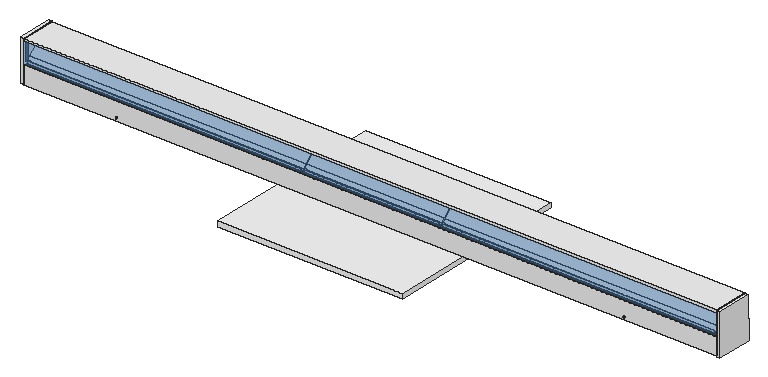
Revit family "BE_50807.1_de_DE", category Leuchten, Revit 2020
Family settings
  Basisbauteil = Fläche
  Bemaßung runder Anschluss = Durchmesser verwenden
  Teiletyp = Normal
  Beim Laden mit Abzugskörper schneiden = Ja
  Lichtquelle = Ja
  Gemeinsam genutzt = Nein
  Raumberechnungspunkt = Ja
Parameters (values of type "BEGA_50807.1_K3")
  built-in parameter 1150104 = 13.935 (stored number, unit not read)
  Wattage = 122 W
  Default Elevation = 0 mm
  built-in parameter 1150113 = 1 (stored number, unit not read)
  built-in parameter 1114218 = 1 (stored number, unit not read)
  Umgebungstemperatur = "25 °C"
  URL = "https://www.bega.com/de/produkt/50807.1"
  Typenkommentare = "© 2023 BEGA. Wir behalten uns das Recht vor, technische Änderungen ohne vorherige Ankündigung vorzunehmen."  # constant formula
  built-in parameter 1150134 = (empty or 0)
  built-in parameter 1150109 = 1 (stored number, unit not read)
  built-in parameter 1150110 = 1 (stored number, unit not read)
  Spannung = 239.996 V
  Sonderanfertigung = no
  Seriennummer [instance] = "Hier können Sie die eindeutige Seriennummer für das Facility Management eintragen."
  Schutzklasse = "I"
  Schutzart = "IP 20"
  Scheinlast = 0 VA
  Produktdatenblatt = "https://cdn.bega.com/bega/products/50807.1K3/current/documents/data-sheets/de"
  Neigungswinkel = 0.00°
  Modell = "50807.1K3"
  Material_34 = BEGA_Oberfläche_Samtweiss_matt
  Material_20 = BEGA_Platte_Weiss
  Material_17 = BEGA_Reflektor
  Material_15 = BEGA_Leuchtmedium_matt
  Material_13 = BEGA_Kunststoff_matt
  Material_06 = BEGA_Oberfläche_Edelstahl_gebürstet
  M_W = no
  M_G = no
  M_A = no
  Logo = 0
  built-in parameter 1114217 = 1 (stored number, unit not read)
  built-in parameter 1150139 = (empty or 0)
  built-in parameter 1150105 = 1456.3 (stored number, unit not read)
  built-in parameter 1150114 = 1 (stored number, unit not read)
  Lumens = 18300 lm
  built-in parameter 1150115 = 1 (stored number, unit not read)
  Leuchtenlichtstrom = "15595 lm"
  Lebensdauerkriterien = "L70B50 @ 25 °C = 200000 h"
  Lastklassifizierung = Beleuchtung
  built-in parameter 1150112 = 1 (stored number, unit not read)
  Lampenlichtstrom = "18300 lm"
  Lampe = "LED 122 W"
  LED_Modulbezeichnung = "10x LED-1049/930"
  Hersteller = "BEGA"  # constant formula
  Gewicht = "9.3 kg"
  Frequenz = "0/50-60 Hz"
  Farbwiedergabeindex = "CRI > 90"
  Farbtemperaturverschiebung bei Dämpfen der Lampe = <Keine Auswahl>
  Farbtemperatur = "3000 K"
  Color Filter = 16777215
  built-in parameter 1150133 = 10 (stored number, unit not read)
  Energieeffizienzklasse = "LED A++ - A"
  built-in parameter 1150137 = (empty or 0)
  built-in parameter 1150132 = (empty or 0)
  ENEC = "ja"
  Dimmbar [instance] = "DALI"
  Datei für fotometrisches Netz = "BE_50807K3.ies"
  CE_Konformität = "ja"
  Bestellnummer = "50807.1K3"
  Beschreibung_Sonderanfertigung = "Hier können Sie Informationen zur Sonderanfertigung eintragen."
  Beschreibung = "Wandleuchte"
  built-in parameter 1150106 = 14.563 (stored number, unit not read)
  Befestigungsbohrung = "Ø 5,5 mm"
  Befestigungsabstand = "1450 mm"
  BEGA_Intern_aus = yes
  BEGA_Intern_an = yes
  BEGA_Intern_Konstruktion = yes
  BEGA_Intern = yes
  BEGA_IES = yes
  BEGA_Dummy = no
  Anschlussleistung [instance] = "130 W"
  built-in parameter 1150107 = 3000 (stored number, unit not read)
  built-in parameter 1150102 = (empty or 0)
  built-in parameter 1150138 = (empty or 0)
  Aktualisierung = "2023-06-28T04:00:04"
  AC/DC = "AC/DC"
Reference planes
  plane 1 "Mitte (Vorne/Hinten)": y = 0
  plane 2: z = 0
  plane 3 "Mitte (Links/Rechts)": x = 0
  plane 4 "Links": x = -757.866
  plane 5 "Rechts": x = 757.866
  plane 6 "Unten": y = -38
  plane 7 "Oben": y = 38.035
  plane 8 "Vorne": z = 90
  plane 9 "Hinten": z = 0
Forms (mm)
  Extrusion 1, solid, material "BEGA_Platte_Weiss"
    sketch origin (0, -1119.2, 0) x (1, 0, 0) y (0, 1, 0)
      loop
        line (-200, 1319.2) -> (-200, 919.2) -> (200, 919.2) -> (200, 1319.2) -> (-200, 1319.2)
    from 0 to -10
  Extrusion 2, solid, material "BEGA_Dummy_matt", visible <- "BEGA_Dummy"
    sketch origin (80.095, -76.023, 0) x (1, 0, 0) y (0, 1, 0)
      loop
        line (-837.961, 114.058) -> (-837.961, 38.023) -> (677.77, 38.023) -> (677.77, 114.058) -> (-837.961, 114.058)
    from 0 to 90
Dimensions and locks
  plane 1 "Mitte (Vorne/Hinten)" to Extrusion 1 = 200 mm
  aligned and locked: plane 2 to Extrusion 1
  aligned and locked: level to Extrusion 1
Nested families
  nested 1: "BE_50807.1" at (0, 0, 0), type "BE_50807.1"
Connectors
  electrical at (0, 0, 0), driven by "Lastklassifizierung", driven by "Spannung", driven by "Scheinlast"
    settings: index 1, voltage 239.996 V, apparent load 0 VA, apparent load phase1 0 VA, apparent load phase2 0 VA, apparent load phase3 0 VA, power factor 1, load classification "Beleuchtung", number of poles 1, system type 31, power factor state 1, is connector primary yes, connector utility no, sub classification motor no, connector description ""
Definition of nested family "BE_50807.1"
  Parameters (values of type "BE_50807.1")
    Default Elevation = 1 mm
    URL = "http://www.bega.de/de/produkt"
    Type Comments = "© 2015 BEGA. Wir behalten uns das Recht vor, technische Änderungen ohne vorherige Ankündigung vorzunehmen. "  # constant formula
    Type Image = (empty or 0)
    Neigungswinkel_um_Z2 = 0.00°
    Neigungswinkel_um_Z1 = 0.00°
    Neigungswinkel_um_Y2 = 0.00°
    Neigungswinkel_um_Y1 = 0.00°
    Neigungswinkel_um_X2 = 0.00°
    Neigungswinkel_um_X1 = 0.00°
    Material_34 = none
    Material_20 = none
    Material_17 = none
    Material_15 = none
    Material_13 = none
    Material_06 = none
    M_W = yes
    M_G = yes
    M_A = yes
    Länge_Platte = 1600 mm  # constant formula
    Höhe_Platte = -10 mm  # constant formula
    Manufacturer = "BEGA"  # constant formula
    Drehwinkel_um_Z2 = 0.00°
    Drehwinkel_um_Z1 = 0.00°
    Breite_Platte = 200 mm  # constant formula
  Reference planes
    plane 1 "Mitte (Oben/Unten)": y = 0
    plane 2: z = 0
    plane 3 "Mitte (Links/Rechts)": x = 0
    plane 4: z = 90
    plane 5: x = 757.866
    plane 6: x = -757.866
    plane 7: y = 38.035
    plane 8: y = -38
  Forms (mm)
    Extrusion 1, solid, detail levels medium
      sketch origin (0, 0, 0) x (1, 0, 0) y (0, 1, 0)
        loop
          line (-800, 100) -> (-800, -100) -> (800, -100) -> (800, 100) -> (-800, 100)
      from 0 to -10 <- "Höhe_Platte"
    Extrusion 2, solid, material <- "Material_34"
      sketch origin (0, 0, 0) x (0, 1, 0) y (0, 0, 1)
        loop
          line (38.035, 38.982) -> (36.035, 39.165) -> (36.035, 37.231) -> (34.435, 37.196) -> (34.435, 39) -> (31.535, 39.914) -> (31.535, 38.2) -> (30.622, 38.2) -> (29.802, 40.461) -> (6.531, 47.798)
          arc (6.531, 47.798) -> (4.002, 49.61) -> (3.035, 52.567) r 5
          line (3.035, 52.567) -> (3.035, 84) -> (4.14, 84.002) -> (4.744, 85.862) -> (5.635, 85.773) -> (5.635, 84.068) -> (8.535, 83.995) -> (8.535, 78.004) -> (27.272, 85) -> (29.79, 85) -> (34.435, 85) -> (34.435, 86.804) -> (36.035, 86.769) -> (36.035, 85.003) -> (38.035, 85) -> (38.035, 90) -> (-37.965, 90) -> (-37.965, 85) -> (-35.965, 85.003) -> (-35.965, 86.769) -> (-34.365, 86.804) -> (-34.365, 85) -> (-28.782, 85) -> (-27.215, 85) -> (-8.465, 78.176) -> (-8.465, 84) -> (-5.565, 84) -> (-5.565, 85.8) -> (-4.675, 85.862) -> (-4.052, 84.004) -> (-2.965, 83.999) -> (-2.965, 52.567)
          arc (-2.965, 52.567) -> (-3.933, 49.611) -> (-6.46, 47.798) r 5
          line (-6.46, 47.798) -> (-29.862, 40.332) -> (-30.575, 38.138) -> (-31.465, 38.2) -> (-31.465, 39.914) -> (-34.365, 39) -> (-34.365, 37.196) -> (-35.965, 37.231) -> (-35.965, 39.165) -> (-37.965, 38.982) -> (-37.965, 0.499) -> (-34.965, 0.509) -> (-34.965, 2.5) -> (-31.465, 2.5) -> (-31.465, 33.967)
          arc (-31.465, 33.967) -> (-31.271, 34.558) -> (-30.765, 34.921) r 1
          line (-30.765, 34.921) -> (-20.999, 38) -> (-1.615, 38) -> (-1.615, 41.4) -> (-4.565, 41.4) -> (-4.565, 46) -> (4.635, 46) -> (4.635, 41.4) -> (1.685, 41.4) -> (1.685, 38) -> (21.068, 38) -> (30.836, 34.92)
          arc (30.836, 34.92) -> (31.334, 34.568) -> (31.534, 33.991) r 1
          line (31.534, 33.991) -> (31.535, 12.532) -> (34.535, 10.8) -> (34.535, 8.3) -> (31.535, 6.568) -> (31.535, 2.5) -> (35.035, 2.5) -> (35.035, 0.509) -> (38.035, 0.499) -> (38.035, 38.982)
      from -750 to 750
    Extrusion 3, solid, material <- "Material_17"
      sketch origin (0, 0, 0) x (0, 1, 0) y (0, 0, 1)
        loop
          line (31.5, 38.273) -> (31.5, 43.726)
          arc (31.5, 43.726) -> (31.354, 44.371) -> (30.946, 44.89) r 1.5
          line (30.946, 44.89) -> (23.519, 51.026)
          spline (23.519, 51.026) -> (19.592, 54.436) -> (17.066, 56.799) -> (15.517, 58.376) -> (14.096, 59.936) -> (12.557, 61.796) -> (10.758, 64.213) -> (9.3, 66.395) -> (8.323, 68.14) -> (7.328, 70.355) -> (6.564, 72.55) -> (6.044, 74.934) -> (5.6, 80.473)
          line (5.6, 80.473) -> (5.6, 85.8) -> (4.85, 85.235) -> (4.85, 80.473)
          spline (4.85, 80.473) -> (5.395, 74.694) -> (6.373, 71.086) -> (7.648, 68.044) -> (9.215, 65.229) -> (11.032, 62.573) -> (12.726, 60.421) -> (14.678, 58.289) -> (17.091, 55.872) -> (19.534, 53.568) -> (22.377, 51.064) -> (26.279, 47.781) -> (30.75, 44.079)
          line (30.75, 44.079) -> (30.75, 38.779) -> (31.5, 38.273)
        loop
          line (-31.5, 38.273) -> (-30.75, 38.779) -> (-30.75, 44.079)
          spline (-30.75, 44.079) -> (-26.279, 47.781) -> (-22.377, 51.064) -> (-19.534, 53.568) -> (-17.091, 55.872) -> (-14.678, 58.289) -> (-12.726, 60.421) -> (-11.032, 62.573) -> (-9.215, 65.229) -> (-7.648, 68.044) -> (-6.373, 71.086) -> (-5.395, 74.694) -> (-4.85, 80.473)
          line (-4.85, 80.473) -> (-4.85, 85.235) -> (-5.6, 85.8) -> (-5.6, 80.473)
          spline (-5.6, 80.473) -> (-6.044, 74.934) -> (-6.564, 72.55) -> (-7.328, 70.355) -> (-8.323, 68.14) -> (-9.3, 66.395) -> (-10.758, 64.213) -> (-12.557, 61.796) -> (-14.096, 59.936) -> (-15.517, 58.376) -> (-17.066, 56.799) -> (-19.592, 54.436) -> (-23.519, 51.026)
          line (-23.519, 51.026) -> (-30.946, 44.89)
          arc (-30.946, 44.89) -> (-31.354, 44.371) -> (-31.5, 43.726) r 1.5
          line (-31.5, 43.726) -> (-31.5, 38.273)
      from -748.023 to -149.992
    Extrusion 4, solid, material <- "Material_17"
      sketch origin (0, 0, 0) x (0, 1, 0) y (0, 0, -1)
        loop
          line (31.5, -38.273) -> (30.75, -38.779) -> (30.75, -44.079)
          spline (30.75, -44.079) -> (26.279, -47.781) -> (22.377, -51.064) -> (19.534, -53.568) -> (17.091, -55.872) -> (14.678, -58.289) -> (12.726, -60.421) -> (11.032, -62.573) -> (9.215, -65.229) -> (7.648, -68.044) -> (6.373, -71.086) -> (5.395, -74.694) -> (4.85, -80.473)
          line (4.85, -80.473) -> (4.85, -85.235) -> (5.6, -85.8) -> (5.6, -80.473)
          spline (5.6, -80.473) -> (6.044, -74.934) -> (6.564, -72.55) -> (7.328, -70.355) -> (8.323, -68.14) -> (9.3, -66.395) -> (10.758, -64.213) -> (12.557, -61.796) -> (14.096, -59.936) -> (15.517, -58.376) -> (17.066, -56.799) -> (19.592, -54.436) -> (23.519, -51.026)
          line (23.519, -51.026) -> (30.946, -44.89)
          arc (30.946, -44.89) -> (31.354, -44.371) -> (31.5, -43.726) r 1.5
          line (31.5, -43.726) -> (31.5, -38.273)
        loop
          line (-31.5, -38.273) -> (-31.5, -43.726)
          arc (-31.5, -43.726) -> (-31.354, -44.371) -> (-30.946, -44.89) r 1.5
          line (-30.946, -44.89) -> (-23.519, -51.026)
          spline (-23.519, -51.026) -> (-19.592, -54.436) -> (-17.066, -56.799) -> (-15.517, -58.376) -> (-14.096, -59.936) -> (-12.557, -61.796) -> (-10.758, -64.213) -> (-9.3, -66.395) -> (-8.323, -68.14) -> (-7.328, -70.355) -> (-6.564, -72.55) -> (-6.044, -74.934) -> (-5.6, -80.473)
          line (-5.6, -80.473) -> (-5.6, -85.8) -> (-4.85, -85.235) -> (-4.85, -80.473)
          spline (-4.85, -80.473) -> (-5.395, -74.694) -> (-6.373, -71.086) -> (-7.648, -68.044) -> (-9.215, -65.229) -> (-11.032, -62.573) -> (-12.726, -60.421) -> (-14.678, -58.289) -> (-17.091, -55.872) -> (-19.534, -53.568) -> (-22.377, -51.064) -> (-26.279, -47.781) -> (-30.75, -44.079)
          line (-30.75, -44.079) -> (-30.75, -38.779) -> (-31.5, -38.273)
      from -748.023 to -149.992
    Extrusion 5, solid, material <- "Material_17"
      sketch origin (-299.5, 0, 0) x (0, 1, 0) y (0, 0, -1)
        loop
          line (31.5, -38.273) -> (30.75, -38.779) -> (30.75, -44.079)
          spline (30.75, -44.079) -> (26.279, -47.781) -> (22.377, -51.064) -> (19.534, -53.568) -> (17.091, -55.872) -> (14.678, -58.289) -> (12.726, -60.421) -> (11.032, -62.573) -> (9.215, -65.229) -> (7.648, -68.044) -> (6.373, -71.086) -> (5.395, -74.694) -> (4.85, -80.473)
          line (4.85, -80.473) -> (4.85, -85.235) -> (5.6, -85.8) -> (5.6, -80.473)
          spline (5.6, -80.473) -> (6.044, -74.934) -> (6.564, -72.55) -> (7.328, -70.355) -> (8.323, -68.14) -> (9.3, -66.395) -> (10.758, -64.213) -> (12.557, -61.796) -> (14.096, -59.936) -> (15.517, -58.376) -> (17.066, -56.799) -> (19.592, -54.436) -> (23.519, -51.026)
          line (23.519, -51.026) -> (30.946, -44.89)
          arc (30.946, -44.89) -> (31.354, -44.371) -> (31.5, -43.726) r 1.5
          line (31.5, -43.726) -> (31.5, -38.273)
        loop
          line (-31.5, -38.273) -> (-31.5, -43.726)
          arc (-31.5, -43.726) -> (-31.354, -44.371) -> (-30.946, -44.89) r 1.5
          line (-30.946, -44.89) -> (-23.519, -51.026)
          spline (-23.519, -51.026) -> (-19.592, -54.436) -> (-17.066, -56.799) -> (-15.517, -58.376) -> (-14.096, -59.936) -> (-12.557, -61.796) -> (-10.758, -64.213) -> (-9.3, -66.395) -> (-8.323, -68.14) -> (-7.328, -70.355) -> (-6.564, -72.55) -> (-6.044, -74.934) -> (-5.6, -80.473)
          line (-5.6, -80.473) -> (-5.6, -85.8) -> (-4.85, -85.235) -> (-4.85, -80.473)
          spline (-4.85, -80.473) -> (-5.395, -74.694) -> (-6.373, -71.086) -> (-7.648, -68.044) -> (-9.215, -65.229) -> (-11.032, -62.573) -> (-12.726, -60.421) -> (-14.678, -58.289) -> (-17.091, -55.872) -> (-19.534, -53.568) -> (-22.377, -51.064) -> (-26.279, -47.781) -> (-30.75, -44.079)
          line (-30.75, -44.079) -> (-30.75, -38.779) -> (-31.5, -38.273)
      from -448.981 to -149.992
    Extrusion 6, solid, material <- "Material_13"
      sketch origin (0, 0, 0) x (0, 1, 0) y (0, 0, 1)
        loop
          line (37.5, 39.15) -> (37.4, 84.85) -> (35.9, 84.85) -> (35.9, 86.4) -> (34.4, 86.4) -> (34.4, 37.6) -> (35.9, 37.6) -> (35.9, 39.15) -> (37.5, 39.15)
        loop
          line (-37.5, 39.15) -> (-35.9, 39.15) -> (-35.9, 37.6) -> (-34.4, 37.6) -> (-34.4, 86.4) -> (-35.9, 86.4) -> (-35.9, 84.85) -> (-37.4, 84.85) -> (-37.5, 39.15)
      from -750 to 750.5
    Extrusion 7, solid, material <- "Material_20"
      sketch origin (0, 0, 0) x (0, 1, 0) y (0, 0, 1)
        loop
          line (26.759, 84.821) -> (8.435, 78.152) -> (8.965, 76.695) -> (27.289, 83.365) -> (26.759, 84.821)
        loop
          line (-26.759, 84.821) -> (-27.289, 83.365) -> (-8.965, 76.695) -> (-8.435, 78.152) -> (-26.759, 84.821)
      from -149 to 149
    Extrusion 8, solid, material <- "Material_20"
      sketch origin (-299, 0, 0) x (0, 1, 0) y (0, 0, 1)
        loop
          line (26.759, 84.821) -> (8.435, 78.152) -> (8.965, 76.695) -> (27.289, 83.365) -> (26.759, 84.821)
        loop
          line (-26.759, 84.821) -> (-27.289, 83.365) -> (-8.965, 76.695) -> (-8.435, 78.152) -> (-26.759, 84.821)
      from -149 to 149
    Extrusion 9, solid, material <- "Material_20"
      sketch origin (-598, 0, 0) x (0, 1, 0) y (0, 0, 1)
        loop
          line (26.759, 84.821) -> (8.435, 78.152) -> (8.965, 76.695) -> (27.289, 83.365) -> (26.759, 84.821)
        loop
          line (-26.759, 84.821) -> (-27.289, 83.365) -> (-8.965, 76.695) -> (-8.435, 78.152) -> (-26.759, 84.821)
      from -149 to 149
    Extrusion 10, solid, material <- "Material_20"
      sketch origin (299, 0, 0) x (0, 1, 0) y (0, 0, -1)
        loop
          line (26.759, -84.821) -> (27.289, -83.365) -> (8.965, -76.695) -> (8.435, -78.152) -> (26.759, -84.821)
        loop
          line (-26.759, -84.821) -> (-8.435, -78.152) -> (-8.965, -76.695) -> (-27.289, -83.365) -> (-26.759, -84.821)
      from -149 to 149
    Extrusion 11, solid, material <- "Material_20"
      sketch origin (598, 0, 0) x (0, 1, 0) y (0, 0, -1)
        loop
          line (26.759, -84.821) -> (27.289, -83.365) -> (8.965, -76.695) -> (8.435, -78.152) -> (26.759, -84.821)
        loop
          line (-26.759, -84.821) -> (-8.435, -78.152) -> (-8.965, -76.695) -> (-27.289, -83.365) -> (-26.759, -84.821)
      from -149 to 149
    Extrusion 12, solid, material <- "Material_15"
      sketch origin (0, 0, 0) x (0, 1, 0) y (0, 0, 1)
        loop
          line (16.705, 78.821) -> (16.436, 79.56) -> (13.617, 78.534) -> (13.886, 77.795) -> (16.705, 78.821)
        loop
          line (-16.705, 78.821) -> (-13.886, 77.795) -> (-13.617, 78.534) -> (-16.436, 79.56) -> (-16.705, 78.821)
      from 130.315 to 133.315
    Extrusion 13, solid, material <- "Material_15"
      sketch origin (-10.985, 0, 0) x (0, 1, 0) y (0, 0, 1)
        loop
          line (16.705, 78.821) -> (16.436, 79.56) -> (13.617, 78.534) -> (13.886, 77.795) -> (16.705, 78.821)
        loop
          line (-16.705, 78.821) -> (-13.886, 77.795) -> (-13.617, 78.534) -> (-16.436, 79.56) -> (-16.705, 78.821)
      from 130.315 to 133.315
    Extrusion 14, solid, material <- "Material_15"
      sketch origin (-21.969, 0, 0) x (0, 1, 0) y (0, 0, 1)
        loop
          line (16.705, 78.821) -> (16.436, 79.56) -> (13.617, 78.534) -> (13.886, 77.795) -> (16.705, 78.821)
        loop
          line (-16.705, 78.821) -> (-13.886, 77.795) -> (-13.617, 78.534) -> (-16.436, 79.56) -> (-16.705, 78.821)
      from 130.315 to 133.315
    Extrusion 15, solid, material <- "Material_15"
      sketch origin (-32.954, 0, 0) x (0, 1, 0) y (0, 0, 1)
        loop
          line (16.705, 78.821) -> (16.436, 79.56) -> (13.617, 78.534) -> (13.886, 77.795) -> (16.705, 78.821)
        loop
          line (-16.705, 78.821) -> (-13.886, 77.795) -> (-13.617, 78.534) -> (-16.436, 79.56) -> (-16.705, 78.821)
      from 130.315 to 133.315
    Extrusion 16, solid, material <- "Material_15"
      sketch origin (-43.938, 0, 0) x (0, 1, 0) y (0, 0, 1)
        loop
          line (16.705, 78.821) -> (16.436, 79.56) -> (13.617, 78.534) -> (13.886, 77.795) -> (16.705, 78.821)
        loop
          line (-16.705, 78.821) -> (-13.886, 77.795) -> (-13.617, 78.534) -> (-16.436, 79.56) -> (-16.705, 78.821)
      from 130.315 to 133.315
    Extrusion 17, solid, material <- "Material_15"
      sketch origin (-54.923, 0, 0) x (0, 1, 0) y (0, 0, 1)
        loop
          line (16.705, 78.821) -> (16.436, 79.56) -> (13.617, 78.534) -> (13.886, 77.795) -> (16.705, 78.821)
        loop
          line (-16.705, 78.821) -> (-13.886, 77.795) -> (-13.617, 78.534) -> (-16.436, 79.56) -> (-16.705, 78.821)
      from 130.315 to 133.315
    Extrusion 18, solid, material <- "Material_15"
      sketch origin (-65.908, 0, 0) x (0, 1, 0) y (0, 0, 1)
        loop
          line (16.705, 78.821) -> (16.436, 79.56) -> (13.617, 78.534) -> (13.886, 77.795) -> (16.705, 78.821)
        loop
          line (-16.705, 78.821) -> (-13.886, 77.795) -> (-13.617, 78.534) -> (-16.436, 79.56) -> (-16.705, 78.821)
      from 130.315 to 133.315
    Extrusion 19, solid, material <- "Material_15"
      sketch origin (-76.892, 0, 0) x (0, 1, 0) y (0, 0, 1)
        loop
          line (16.705, 78.821) -> (16.436, 79.56) -> (13.617, 78.534) -> (13.886, 77.795) -> (16.705, 78.821)
        loop
          line (-16.705, 78.821) -> (-13.886, 77.795) -> (-13.617, 78.534) -> (-16.436, 79.56) -> (-16.705, 78.821)
      from 130.315 to 133.315
    Extrusion 20, solid, material <- "Material_15"
      sketch origin (-87.877, 0, 0) x (0, 1, 0) y (0, 0, 1)
        loop
          line (16.705, 78.821) -> (16.436, 79.56) -> (13.617, 78.534) -> (13.886, 77.795) -> (16.705, 78.821)
        loop
          line (-16.705, 78.821) -> (-13.886, 77.795) -> (-13.617, 78.534) -> (-16.436, 79.56) -> (-16.705, 78.821)
      from 130.315 to 133.315
    Extrusion 21, solid, material <- "Material_15"
      sketch origin (-98.862, 0, 0) x (0, 1, 0) y (0, 0, 1)
        loop
          line (16.705, 78.821) -> (16.436, 79.56) -> (13.617, 78.534) -> (13.886, 77.795) -> (16.705, 78.821)
        loop
          line (-16.705, 78.821) -> (-13.886, 77.795) -> (-13.617, 78.534) -> (-16.436, 79.56) -> (-16.705, 78.821)
      from 130.315 to 133.315
    Extrusion 22, solid, material <- "Material_15"
      sketch origin (-109.846, 0, 0) x (0, 1, 0) y (0, 0, 1)
        loop
          line (16.705, 78.821) -> (16.436, 79.56) -> (13.617, 78.534) -> (13.886, 77.795) -> (16.705, 78.821)
        loop
          line (-16.705, 78.821) -> (-13.886, 77.795) -> (-13.617, 78.534) -> (-16.436, 79.56) -> (-16.705, 78.821)
      from 130.315 to 133.315
    Extrusion 23, solid, material <- "Material_15"
      sketch origin (-120.831, 0, 0) x (0, 1, 0) y (0, 0, 1)
        loop
          line (16.705, 78.821) -> (16.436, 79.56) -> (13.617, 78.534) -> (13.886, 77.795) -> (16.705, 78.821)
        loop
          line (-16.705, 78.821) -> (-13.886, 77.795) -> (-13.617, 78.534) -> (-16.436, 79.56) -> (-16.705, 78.821)
      from 130.315 to 133.315
    Extrusion 24, solid, material <- "Material_15"
      sketch origin (-131.815, 0, 0) x (0, 1, 0) y (0, 0, 1)
        loop
          line (16.705, 78.821) -> (16.436, 79.56) -> (13.617, 78.534) -> (13.886, 77.795) -> (16.705, 78.821)
        loop
          line (-16.705, 78.821) -> (-13.886, 77.795) -> (-13.617, 78.534) -> (-16.436, 79.56) -> (-16.705, 78.821)
      from 130.315 to 133.315
    Extrusion 25, solid, material <- "Material_15"
      sketch origin (-142.8, 0, 0) x (0, 1, 0) y (0, 0, 1)
        loop
          line (16.705, 78.821) -> (16.436, 79.56) -> (13.617, 78.534) -> (13.886, 77.795) -> (16.705, 78.821)
        loop
          line (-16.705, 78.821) -> (-13.886, 77.795) -> (-13.617, 78.534) -> (-16.436, 79.56) -> (-16.705, 78.821)
      from 130.315 to 133.315
    Extrusion 26, solid, material <- "Material_15"
      sketch origin (-153.785, 0, 0) x (0, 1, 0) y (0, 0, 1)
        loop
          line (16.705, 78.821) -> (16.436, 79.56) -> (13.617, 78.534) -> (13.886, 77.795) -> (16.705, 78.821)
        loop
          line (-16.705, 78.821) -> (-13.886, 77.795) -> (-13.617, 78.534) -> (-16.436, 79.56) -> (-16.705, 78.821)
      from 130.315 to 133.315
    Extrusion 27, solid, material <- "Material_15"
      sketch origin (-164.769, 0, 0) x (0, 1, 0) y (0, 0, 1)
        loop
          line (16.705, 78.821) -> (16.436, 79.56) -> (13.617, 78.534) -> (13.886, 77.795) -> (16.705, 78.821)
        loop
          line (-16.705, 78.821) -> (-13.886, 77.795) -> (-13.617, 78.534) -> (-16.436, 79.56) -> (-16.705, 78.821)
      from 130.315 to 133.315
    Extrusion 28, solid, material <- "Material_15"
      sketch origin (-175.754, 0, 0) x (0, 1, 0) y (0, 0, 1)
        loop
          line (16.705, 78.821) -> (16.436, 79.56) -> (13.617, 78.534) -> (13.886, 77.795) -> (16.705, 78.821)
        loop
          line (-16.705, 78.821) -> (-13.886, 77.795) -> (-13.617, 78.534) -> (-16.436, 79.56) -> (-16.705, 78.821)
      from 130.315 to 133.315
    Extrusion 29, solid, material <- "Material_15"
      sketch origin (-186.739, 0, 0) x (0, 1, 0) y (0, 0, 1)
        loop
          line (16.705, 78.821) -> (16.436, 79.56) -> (13.617, 78.534) -> (13.886, 77.795) -> (16.705, 78.821)
        loop
          line (-16.705, 78.821) -> (-13.886, 77.795) -> (-13.617, 78.534) -> (-16.436, 79.56) -> (-16.705, 78.821)
      from 130.315 to 133.315
    Extrusion 30, solid, material <- "Material_15"
      sketch origin (-197.723, 0, 0) x (0, 1, 0) y (0, 0, 1)
        loop
          line (16.705, 78.821) -> (16.436, 79.56) -> (13.617, 78.534) -> (13.886, 77.795) -> (16.705, 78.821)
        loop
          line (-16.705, 78.821) -> (-13.886, 77.795) -> (-13.617, 78.534) -> (-16.436, 79.56) -> (-16.705, 78.821)
      from 130.315 to 133.315
    Extrusion 31, solid, material <- "Material_15"
      sketch origin (-208.708, 0, 0) x (0, 1, 0) y (0, 0, 1)
        loop
          line (16.705, 78.821) -> (16.436, 79.56) -> (13.617, 78.534) -> (13.886, 77.795) -> (16.705, 78.821)
        loop
          line (-16.705, 78.821) -> (-13.886, 77.795) -> (-13.617, 78.534) -> (-16.436, 79.56) -> (-16.705, 78.821)
      from 130.315 to 133.315
    Extrusion 32, solid, material <- "Material_15"
      sketch origin (-219.692, 0, 0) x (0, 1, 0) y (0, 0, 1)
        loop
          line (16.705, 78.821) -> (16.436, 79.56) -> (13.617, 78.534) -> (13.886, 77.795) -> (16.705, 78.821)
        loop
          line (-16.705, 78.821) -> (-13.886, 77.795) -> (-13.617, 78.534) -> (-16.436, 79.56) -> (-16.705, 78.821)
      from 130.315 to 133.315
    Extrusion 33, solid, material <- "Material_15"
      sketch origin (-230.677, 0, 0) x (0, 1, 0) y (0, 0, 1)
        loop
          line (16.705, 78.821) -> (16.436, 79.56) -> (13.617, 78.534) -> (13.886, 77.795) -> (16.705, 78.821)
        loop
          line (-16.705, 78.821) -> (-13.886, 77.795) -> (-13.617, 78.534) -> (-16.436, 79.56) -> (-16.705, 78.821)
      from 130.315 to 133.315
    Extrusion 34, solid, material <- "Material_15"
      sketch origin (-241.662, 0, 0) x (0, 1, 0) y (0, 0, 1)
        loop
          line (16.705, 78.821) -> (16.436, 79.56) -> (13.617, 78.534) -> (13.886, 77.795) -> (16.705, 78.821)
        loop
          line (-16.705, 78.821) -> (-13.886, 77.795) -> (-13.617, 78.534) -> (-16.436, 79.56) -> (-16.705, 78.821)
      from 130.315 to 133.315
    Extrusion 35, solid, material <- "Material_15"
      sketch origin (-252.646, 0, 0) x (0, 1, 0) y (0, 0, 1)
        loop
          line (16.705, 78.821) -> (16.436, 79.56) -> (13.617, 78.534) -> (13.886, 77.795) -> (16.705, 78.821)
        loop
          line (-16.705, 78.821) -> (-13.886, 77.795) -> (-13.617, 78.534) -> (-16.436, 79.56) -> (-16.705, 78.821)
      from 130.315 to 133.315
    Extrusion 36, solid, material <- "Material_15"
      sketch origin (-263.631, 0, 0) x (0, 1, 0) y (0, 0, 1)
        loop
          line (16.705, 78.821) -> (16.436, 79.56) -> (13.617, 78.534) -> (13.886, 77.795) -> (16.705, 78.821)
        loop
          line (-16.705, 78.821) -> (-13.886, 77.795) -> (-13.617, 78.534) -> (-16.436, 79.56) -> (-16.705, 78.821)
      from 130.315 to 133.315
    Extrusion 37, solid, material <- "Material_15"
      sketch origin (-299, 0, 0) x (0, 1, 0) y (0, 0, 1)
        loop
          line (16.705, 78.821) -> (16.436, 79.56) -> (13.617, 78.534) -> (13.886, 77.795) -> (16.705, 78.821)
        loop
          line (-16.705, 78.821) -> (-13.886, 77.795) -> (-13.617, 78.534) -> (-16.436, 79.56) -> (-16.705, 78.821)
      from 130.315 to 133.315
    Extrusion 38, solid, material <- "Material_15"
      sketch origin (-309.985, 0, 0) x (0, 1, 0) y (0, 0, 1)
        loop
          line (16.705, 78.821) -> (16.436, 79.56) -> (13.617, 78.534) -> (13.886, 77.795) -> (16.705, 78.821)
        loop
          line (-16.705, 78.821) -> (-13.886, 77.795) -> (-13.617, 78.534) -> (-16.436, 79.56) -> (-16.705, 78.821)
      from 130.315 to 133.315
    Extrusion 39, solid, material <- "Material_15"
      sketch origin (-320.969, 0, 0) x (0, 1, 0) y (0, 0, 1)
        loop
          line (16.705, 78.821) -> (16.436, 79.56) -> (13.617, 78.534) -> (13.886, 77.795) -> (16.705, 78.821)
        loop
          line (-16.705, 78.821) -> (-13.886, 77.795) -> (-13.617, 78.534) -> (-16.436, 79.56) -> (-16.705, 78.821)
      from 130.315 to 133.315
    Extrusion 40, solid, material <- "Material_15"
      sketch origin (-331.954, 0, 0) x (0, 1, 0) y (0, 0, 1)
        loop
          line (16.705, 78.821) -> (16.436, 79.56) -> (13.617, 78.534) -> (13.886, 77.795) -> (16.705, 78.821)
        loop
          line (-16.705, 78.821) -> (-13.886, 77.795) -> (-13.617, 78.534) -> (-16.436, 79.56) -> (-16.705, 78.821)
      from 130.315 to 133.315
    Extrusion 41, solid, material <- "Material_15"
      sketch origin (-342.938, 0, 0) x (0, 1, 0) y (0, 0, 1)
        loop
          line (16.705, 78.821) -> (16.436, 79.56) -> (13.617, 78.534) -> (13.886, 77.795) -> (16.705, 78.821)
        loop
          line (-16.705, 78.821) -> (-13.886, 77.795) -> (-13.617, 78.534) -> (-16.436, 79.56) -> (-16.705, 78.821)
      from 130.315 to 133.315
    Extrusion 42, solid, material <- "Material_15"
      sketch origin (-353.923, 0, 0) x (0, 1, 0) y (0, 0, 1)
        loop
          line (16.705, 78.821) -> (16.436, 79.56) -> (13.617, 78.534) -> (13.886, 77.795) -> (16.705, 78.821)
        loop
          line (-16.705, 78.821) -> (-13.886, 77.795) -> (-13.617, 78.534) -> (-16.436, 79.56) -> (-16.705, 78.821)
      from 130.315 to 133.315
    Extrusion 43, solid, material <- "Material_15"
      sketch origin (-364.908, 0, 0) x (0, 1, 0) y (0, 0, 1)
        loop
          line (16.705, 78.821) -> (16.436, 79.56) -> (13.617, 78.534) -> (13.886, 77.795) -> (16.705, 78.821)
        loop
          line (-16.705, 78.821) -> (-13.886, 77.795) -> (-13.617, 78.534) -> (-16.436, 79.56) -> (-16.705, 78.821)
      from 130.315 to 133.315
    Extrusion 44, solid, material <- "Material_15"
      sketch origin (-375.892, 0, 0) x (0, 1, 0) y (0, 0, 1)
        loop
          line (16.705, 78.821) -> (16.436, 79.56) -> (13.617, 78.534) -> (13.886, 77.795) -> (16.705, 78.821)
        loop
          line (-16.705, 78.821) -> (-13.886, 77.795) -> (-13.617, 78.534) -> (-16.436, 79.56) -> (-16.705, 78.821)
      from 130.315 to 133.315
    Extrusion 45, solid, material <- "Material_15"
      sketch origin (-386.877, 0, 0) x (0, 1, 0) y (0, 0, 1)
        loop
          line (16.705, 78.821) -> (16.436, 79.56) -> (13.617, 78.534) -> (13.886, 77.795) -> (16.705, 78.821)
        loop
          line (-16.705, 78.821) -> (-13.886, 77.795) -> (-13.617, 78.534) -> (-16.436, 79.56) -> (-16.705, 78.821)
      from 130.315 to 133.315
    Extrusion 46, solid, material <- "Material_15"
      sketch origin (-397.862, 0, 0) x (0, 1, 0) y (0, 0, 1)
        loop
          line (16.705, 78.821) -> (16.436, 79.56) -> (13.617, 78.534) -> (13.886, 77.795) -> (16.705, 78.821)
        loop
          line (-16.705, 78.821) -> (-13.886, 77.795) -> (-13.617, 78.534) -> (-16.436, 79.56) -> (-16.705, 78.821)
      from 130.315 to 133.315
    Extrusion 47, solid, material <- "Material_15"
      sketch origin (-408.846, 0, 0) x (0, 1, 0) y (0, 0, 1)
        loop
          line (16.705, 78.821) -> (16.436, 79.56) -> (13.617, 78.534) -> (13.886, 77.795) -> (16.705, 78.821)
        loop
          line (-16.705, 78.821) -> (-13.886, 77.795) -> (-13.617, 78.534) -> (-16.436, 79.56) -> (-16.705, 78.821)
      from 130.315 to 133.315
    Extrusion 48, solid, material <- "Material_15"
      sketch origin (-419.831, 0, 0) x (0, 1, 0) y (0, 0, 1)
        loop
          line (16.705, 78.821) -> (16.436, 79.56) -> (13.617, 78.534) -> (13.886, 77.795) -> (16.705, 78.821)
        loop
          line (-16.705, 78.821) -> (-13.886, 77.795) -> (-13.617, 78.534) -> (-16.436, 79.56) -> (-16.705, 78.821)
      from 130.315 to 133.315
    Extrusion 49, solid, material <- "Material_15"
      sketch origin (-430.815, 0, 0) x (0, 1, 0) y (0, 0, 1)
        loop
          line (16.705, 78.821) -> (16.436, 79.56) -> (13.617, 78.534) -> (13.886, 77.795) -> (16.705, 78.821)
        loop
          line (-16.705, 78.821) -> (-13.886, 77.795) -> (-13.617, 78.534) -> (-16.436, 79.56) -> (-16.705, 78.821)
      from 130.315 to 133.315
    Extrusion 50, solid, material <- "Material_15"
      sketch origin (-441.8, 0, 0) x (0, 1, 0) y (0, 0, 1)
        loop
          line (16.705, 78.821) -> (16.436, 79.56) -> (13.617, 78.534) -> (13.886, 77.795) -> (16.705, 78.821)
        loop
          line (-16.705, 78.821) -> (-13.886, 77.795) -> (-13.617, 78.534) -> (-16.436, 79.56) -> (-16.705, 78.821)
      from 130.315 to 133.315
    Extrusion 51, solid, material <- "Material_15"
      sketch origin (-452.785, 0, 0) x (0, 1, 0) y (0, 0, 1)
        loop
          line (16.705, 78.821) -> (16.436, 79.56) -> (13.617, 78.534) -> (13.886, 77.795) -> (16.705, 78.821)
        loop
          line (-16.705, 78.821) -> (-13.886, 77.795) -> (-13.617, 78.534) -> (-16.436, 79.56) -> (-16.705, 78.821)
      from 130.315 to 133.315
    Extrusion 52, solid, material <- "Material_15"
      sketch origin (-463.769, 0, 0) x (0, 1, 0) y (0, 0, 1)
        loop
          line (16.705, 78.821) -> (16.436, 79.56) -> (13.617, 78.534) -> (13.886, 77.795) -> (16.705, 78.821)
        loop
          line (-16.705, 78.821) -> (-13.886, 77.795) -> (-13.617, 78.534) -> (-16.436, 79.56) -> (-16.705, 78.821)
      from 130.315 to 133.315
    Extrusion 53, solid, material <- "Material_15"
      sketch origin (-474.754, 0, 0) x (0, 1, 0) y (0, 0, 1)
        loop
          line (16.705, 78.821) -> (16.436, 79.56) -> (13.617, 78.534) -> (13.886, 77.795) -> (16.705, 78.821)
        loop
          line (-16.705, 78.821) -> (-13.886, 77.795) -> (-13.617, 78.534) -> (-16.436, 79.56) -> (-16.705, 78.821)
      from 130.315 to 133.315
    Extrusion 54, solid, material <- "Material_15"
      sketch origin (-485.739, 0, 0) x (0, 1, 0) y (0, 0, 1)
        loop
          line (16.705, 78.821) -> (16.436, 79.56) -> (13.617, 78.534) -> (13.886, 77.795) -> (16.705, 78.821)
        loop
          line (-16.705, 78.821) -> (-13.886, 77.795) -> (-13.617, 78.534) -> (-16.436, 79.56) -> (-16.705, 78.821)
      from 130.315 to 133.315
    Extrusion 55, solid, material <- "Material_15"
      sketch origin (-496.723, 0, 0) x (0, 1, 0) y (0, 0, 1)
        loop
          line (16.705, 78.821) -> (16.436, 79.56) -> (13.617, 78.534) -> (13.886, 77.795) -> (16.705, 78.821)
        loop
          line (-16.705, 78.821) -> (-13.886, 77.795) -> (-13.617, 78.534) -> (-16.436, 79.56) -> (-16.705, 78.821)
      from 130.315 to 133.315
    Extrusion 56, solid, material <- "Material_15"
      sketch origin (-507.708, 0, 0) x (0, 1, 0) y (0, 0, 1)
        loop
          line (16.705, 78.821) -> (16.436, 79.56) -> (13.617, 78.534) -> (13.886, 77.795) -> (16.705, 78.821)
        loop
          line (-16.705, 78.821) -> (-13.886, 77.795) -> (-13.617, 78.534) -> (-16.436, 79.56) -> (-16.705, 78.821)
      from 130.315 to 133.315
    Extrusion 57, solid, material <- "Material_15"
      sketch origin (-518.692, 0, 0) x (0, 1, 0) y (0, 0, 1)
        loop
          line (16.705, 78.821) -> (16.436, 79.56) -> (13.617, 78.534) -> (13.886, 77.795) -> (16.705, 78.821)
        loop
          line (-16.705, 78.821) -> (-13.886, 77.795) -> (-13.617, 78.534) -> (-16.436, 79.56) -> (-16.705, 78.821)
      from 130.315 to 133.315
    Extrusion 58, solid, material <- "Material_15"
      sketch origin (-529.677, 0, 0) x (0, 1, 0) y (0, 0, 1)
        loop
          line (16.705, 78.821) -> (16.436, 79.56) -> (13.617, 78.534) -> (13.886, 77.795) -> (16.705, 78.821)
        loop
          line (-16.705, 78.821) -> (-13.886, 77.795) -> (-13.617, 78.534) -> (-16.436, 79.56) -> (-16.705, 78.821)
      from 130.315 to 133.315
    Extrusion 59, solid, material <- "Material_15"
      sketch origin (-540.662, 0, 0) x (0, 1, 0) y (0, 0, 1)
        loop
          line (16.705, 78.821) -> (16.436, 79.56) -> (13.617, 78.534) -> (13.886, 77.795) -> (16.705, 78.821)
        loop
          line (-16.705, 78.821) -> (-13.886, 77.795) -> (-13.617, 78.534) -> (-16.436, 79.56) -> (-16.705, 78.821)
      from 130.315 to 133.315
    Extrusion 60, solid, material <- "Material_15"
      sketch origin (-551.646, 0, 0) x (0, 1, 0) y (0, 0, 1)
        loop
          line (16.705, 78.821) -> (16.436, 79.56) -> (13.617, 78.534) -> (13.886, 77.795) -> (16.705, 78.821)
        loop
          line (-16.705, 78.821) -> (-13.886, 77.795) -> (-13.617, 78.534) -> (-16.436, 79.56) -> (-16.705, 78.821)
      from 130.315 to 133.315
    Extrusion 61, solid, material <- "Material_15"
      sketch origin (-598, 0, 0) x (0, 1, 0) y (0, 0, 1)
        loop
          line (16.705, 78.821) -> (16.436, 79.56) -> (13.617, 78.534) -> (13.886, 77.795) -> (16.705, 78.821)
        loop
          line (-16.705, 78.821) -> (-13.886, 77.795) -> (-13.617, 78.534) -> (-16.436, 79.56) -> (-16.705, 78.821)
      from 130.315 to 133.315
    Extrusion 62, solid, material <- "Material_15"
      sketch origin (-608.985, 0, 0) x (0, 1, 0) y (0, 0, 1)
        loop
          line (16.705, 78.821) -> (16.436, 79.56) -> (13.617, 78.534) -> (13.886, 77.795) -> (16.705, 78.821)
        loop
          line (-16.705, 78.821) -> (-13.886, 77.795) -> (-13.617, 78.534) -> (-16.436, 79.56) -> (-16.705, 78.821)
      from 130.315 to 133.315
    Extrusion 63, solid, material <- "Material_15"
      sketch origin (-619.969, 0, 0) x (0, 1, 0) y (0, 0, 1)
        loop
          line (16.705, 78.821) -> (16.436, 79.56) -> (13.617, 78.534) -> (13.886, 77.795) -> (16.705, 78.821)
        loop
          line (-16.705, 78.821) -> (-13.886, 77.795) -> (-13.617, 78.534) -> (-16.436, 79.56) -> (-16.705, 78.821)
      from 130.315 to 133.315
    Extrusion 64, solid, material <- "Material_15"
      sketch origin (-630.954, 0, 0) x (0, 1, 0) y (0, 0, 1)
        loop
          line (16.705, 78.821) -> (16.436, 79.56) -> (13.617, 78.534) -> (13.886, 77.795) -> (16.705, 78.821)
        loop
          line (-16.705, 78.821) -> (-13.886, 77.795) -> (-13.617, 78.534) -> (-16.436, 79.56) -> (-16.705, 78.821)
      from 130.315 to 133.315
    Extrusion 65, solid, material <- "Material_15"
      sketch origin (-641.938, 0, 0) x (0, 1, 0) y (0, 0, 1)
        loop
          line (16.705, 78.821) -> (16.436, 79.56) -> (13.617, 78.534) -> (13.886, 77.795) -> (16.705, 78.821)
        loop
          line (-16.705, 78.821) -> (-13.886, 77.795) -> (-13.617, 78.534) -> (-16.436, 79.56) -> (-16.705, 78.821)
      from 130.315 to 133.315
    Extrusion 66, solid, material <- "Material_15"
      sketch origin (-652.923, 0, 0) x (0, 1, 0) y (0, 0, 1)
        loop
          line (16.705, 78.821) -> (16.436, 79.56) -> (13.617, 78.534) -> (13.886, 77.795) -> (16.705, 78.821)
        loop
          line (-16.705, 78.821) -> (-13.886, 77.795) -> (-13.617, 78.534) -> (-16.436, 79.56) -> (-16.705, 78.821)
      from 130.315 to 133.315
    Extrusion 67, solid, material <- "Material_15"
      sketch origin (-663.908, 0, 0) x (0, 1, 0) y (0, 0, 1)
        loop
          line (16.705, 78.821) -> (16.436, 79.56) -> (13.617, 78.534) -> (13.886, 77.795) -> (16.705, 78.821)
        loop
          line (-16.705, 78.821) -> (-13.886, 77.795) -> (-13.617, 78.534) -> (-16.436, 79.56) -> (-16.705, 78.821)
      from 130.315 to 133.315
    Extrusion 68, solid, material <- "Material_15"
      sketch origin (-674.892, 0, 0) x (0, 1, 0) y (0, 0, 1)
        loop
          line (16.705, 78.821) -> (16.436, 79.56) -> (13.617, 78.534) -> (13.886, 77.795) -> (16.705, 78.821)
        loop
          line (-16.705, 78.821) -> (-13.886, 77.795) -> (-13.617, 78.534) -> (-16.436, 79.56) -> (-16.705, 78.821)
      from 130.315 to 133.315
    Extrusion 69, solid, material <- "Material_15"
      sketch origin (-685.877, 0, 0) x (0, 1, 0) y (0, 0, 1)
        loop
          line (16.705, 78.821) -> (16.436, 79.56) -> (13.617, 78.534) -> (13.886, 77.795) -> (16.705, 78.821)
        loop
          line (-16.705, 78.821) -> (-13.886, 77.795) -> (-13.617, 78.534) -> (-16.436, 79.56) -> (-16.705, 78.821)
      from 130.315 to 133.315
    Extrusion 70, solid, material <- "Material_15"
      sketch origin (-696.862, 0, 0) x (0, 1, 0) y (0, 0, 1)
        loop
          line (16.705, 78.821) -> (16.436, 79.56) -> (13.617, 78.534) -> (13.886, 77.795) -> (16.705, 78.821)
        loop
          line (-16.705, 78.821) -> (-13.886, 77.795) -> (-13.617, 78.534) -> (-16.436, 79.56) -> (-16.705, 78.821)
      from 130.315 to 133.315
    Extrusion 71, solid, material <- "Material_15"
      sketch origin (-707.846, 0, 0) x (0, 1, 0) y (0, 0, 1)
        loop
          line (16.705, 78.821) -> (16.436, 79.56) -> (13.617, 78.534) -> (13.886, 77.795) -> (16.705, 78.821)
        loop
          line (-16.705, 78.821) -> (-13.886, 77.795) -> (-13.617, 78.534) -> (-16.436, 79.56) -> (-16.705, 78.821)
      from 130.315 to 133.315
    Extrusion 72, solid, material <- "Material_15"
      sketch origin (-718.831, 0, 0) x (0, 1, 0) y (0, 0, 1)
        loop
          line (16.705, 78.821) -> (16.436, 79.56) -> (13.617, 78.534) -> (13.886, 77.795) -> (16.705, 78.821)
        loop
          line (-16.705, 78.821) -> (-13.886, 77.795) -> (-13.617, 78.534) -> (-16.436, 79.56) -> (-16.705, 78.821)
      from 130.315 to 133.315
    Extrusion 73, solid, material <- "Material_15"
      sketch origin (-729.815, 0, 0) x (0, 1, 0) y (0, 0, 1)
        loop
          line (16.705, 78.821) -> (16.436, 79.56) -> (13.617, 78.534) -> (13.886, 77.795) -> (16.705, 78.821)
        loop
          line (-16.705, 78.821) -> (-13.886, 77.795) -> (-13.617, 78.534) -> (-16.436, 79.56) -> (-16.705, 78.821)
      from 130.315 to 133.315
    Extrusion 74, solid, material <- "Material_15"
      sketch origin (-740.8, 0, 0) x (0, 1, 0) y (0, 0, 1)
        loop
          line (16.705, 78.821) -> (16.436, 79.56) -> (13.617, 78.534) -> (13.886, 77.795) -> (16.705, 78.821)
        loop
          line (-16.705, 78.821) -> (-13.886, 77.795) -> (-13.617, 78.534) -> (-16.436, 79.56) -> (-16.705, 78.821)
      from 130.315 to 133.315
    Extrusion 75, solid, material <- "Material_15"
      sketch origin (-751.785, 0, 0) x (0, 1, 0) y (0, 0, 1)
        loop
          line (16.705, 78.821) -> (16.436, 79.56) -> (13.617, 78.534) -> (13.886, 77.795) -> (16.705, 78.821)
        loop
          line (-16.705, 78.821) -> (-13.886, 77.795) -> (-13.617, 78.534) -> (-16.436, 79.56) -> (-16.705, 78.821)
      from 130.315 to 133.315
    Extrusion 76, solid, material <- "Material_15"
      sketch origin (-762.769, 0, 0) x (0, 1, 0) y (0, 0, 1)
        loop
          line (16.705, 78.821) -> (16.436, 79.56) -> (13.617, 78.534) -> (13.886, 77.795) -> (16.705, 78.821)
        loop
          line (-16.705, 78.821) -> (-13.886, 77.795) -> (-13.617, 78.534) -> (-16.436, 79.56) -> (-16.705, 78.821)
      from 130.315 to 133.315
    Extrusion 77, solid, material <- "Material_15"
      sketch origin (-773.754, 0, 0) x (0, 1, 0) y (0, 0, 1)
        loop
          line (16.705, 78.821) -> (16.436, 79.56) -> (13.617, 78.534) -> (13.886, 77.795) -> (16.705, 78.821)
        loop
          line (-16.705, 78.821) -> (-13.886, 77.795) -> (-13.617, 78.534) -> (-16.436, 79.56) -> (-16.705, 78.821)
      from 130.315 to 133.315
    Extrusion 78, solid, material <- "Material_15"
      sketch origin (-784.739, 0, 0) x (0, 1, 0) y (0, 0, 1)
        loop
          line (16.705, 78.821) -> (16.436, 79.56) -> (13.617, 78.534) -> (13.886, 77.795) -> (16.705, 78.821)
        loop
          line (-16.705, 78.821) -> (-13.886, 77.795) -> (-13.617, 78.534) -> (-16.436, 79.56) -> (-16.705, 78.821)
      from 130.315 to 133.315
    Extrusion 79, solid, material <- "Material_15"
      sketch origin (-795.723, 0, 0) x (0, 1, 0) y (0, 0, 1)
        loop
          line (16.705, 78.821) -> (16.436, 79.56) -> (13.617, 78.534) -> (13.886, 77.795) -> (16.705, 78.821)
        loop
          line (-16.705, 78.821) -> (-13.886, 77.795) -> (-13.617, 78.534) -> (-16.436, 79.56) -> (-16.705, 78.821)
      from 130.315 to 133.315
    Extrusion 80, solid, material <- "Material_15"
      sketch origin (-806.708, 0, 0) x (0, 1, 0) y (0, 0, 1)
        loop
          line (16.705, 78.821) -> (16.436, 79.56) -> (13.617, 78.534) -> (13.886, 77.795) -> (16.705, 78.821)
        loop
          line (-16.705, 78.821) -> (-13.886, 77.795) -> (-13.617, 78.534) -> (-16.436, 79.56) -> (-16.705, 78.821)
      from 130.315 to 133.315
    Extrusion 81, solid, material <- "Material_15"
      sketch origin (-817.692, 0, 0) x (0, 1, 0) y (0, 0, 1)
        loop
          line (16.705, 78.821) -> (16.436, 79.56) -> (13.617, 78.534) -> (13.886, 77.795) -> (16.705, 78.821)
        loop
          line (-16.705, 78.821) -> (-13.886, 77.795) -> (-13.617, 78.534) -> (-16.436, 79.56) -> (-16.705, 78.821)
      from 130.315 to 133.315
    Extrusion 82, solid, material <- "Material_15"
      sketch origin (-828.677, 0, 0) x (0, 1, 0) y (0, 0, 1)
        loop
          line (16.705, 78.821) -> (16.436, 79.56) -> (13.617, 78.534) -> (13.886, 77.795) -> (16.705, 78.821)
        loop
          line (-16.705, 78.821) -> (-13.886, 77.795) -> (-13.617, 78.534) -> (-16.436, 79.56) -> (-16.705, 78.821)
      from 130.315 to 133.315
    Extrusion 83, solid, material <- "Material_15"
      sketch origin (-839.662, 0, 0) x (0, 1, 0) y (0, 0, 1)
        loop
          line (16.705, 78.821) -> (16.436, 79.56) -> (13.617, 78.534) -> (13.886, 77.795) -> (16.705, 78.821)
        loop
          line (-16.705, 78.821) -> (-13.886, 77.795) -> (-13.617, 78.534) -> (-16.436, 79.56) -> (-16.705, 78.821)
      from 130.315 to 133.315
    Extrusion 84, solid, material <- "Material_15"
      sketch origin (-850.646, 0, 0) x (0, 1, 0) y (0, 0, 1)
        loop
          line (16.705, 78.821) -> (16.436, 79.56) -> (13.617, 78.534) -> (13.886, 77.795) -> (16.705, 78.821)
        loop
          line (-16.705, 78.821) -> (-13.886, 77.795) -> (-13.617, 78.534) -> (-16.436, 79.56) -> (-16.705, 78.821)
      from 130.315 to 133.315
    Extrusion 85, solid, material <- "Material_15"
      sketch origin (-861.631, 0, 0) x (0, 1, 0) y (0, 0, 1)
        loop
          line (16.705, 78.821) -> (16.436, 79.56) -> (13.617, 78.534) -> (13.886, 77.795) -> (16.705, 78.821)
        loop
          line (-16.705, 78.821) -> (-13.886, 77.795) -> (-13.617, 78.534) -> (-16.436, 79.56) -> (-16.705, 78.821)
      from 130.315 to 133.315
    Extrusion 86, solid, material <- "Material_15"
      sketch origin (-263.631, 0, 0) x (0, 1, 0) y (0, 0, 1)
        loop
          line (16.705, 78.821) -> (16.436, 79.56) -> (13.617, 78.534) -> (13.886, 77.795) -> (16.705, 78.821)
        loop
          line (-16.705, 78.821) -> (-13.886, 77.795) -> (-13.617, 78.534) -> (-16.436, 79.56) -> (-16.705, 78.821)
      from 130.315 to 133.315
    Extrusion 87, solid, material <- "Material_15"
      sketch origin (-263.631, 0, 0) x (0, 1, 0) y (0, 0, 1)
        loop
          line (16.705, 78.821) -> (16.436, 79.56) -> (13.617, 78.534) -> (13.886, 77.795) -> (16.705, 78.821)
        loop
          line (-16.705, 78.821) -> (-13.886, 77.795) -> (-13.617, 78.534) -> (-16.436, 79.56) -> (-16.705, 78.821)
      from 130.315 to 133.315
    Extrusion 88, solid, material <- "Material_15"
      sketch origin (-263.631, 0, 0) x (0, 1, 0) y (0, 0, 1)
        loop
          line (16.705, 78.821) -> (16.436, 79.56) -> (13.617, 78.534) -> (13.886, 77.795) -> (16.705, 78.821)
        loop
          line (-16.705, 78.821) -> (-13.886, 77.795) -> (-13.617, 78.534) -> (-16.436, 79.56) -> (-16.705, 78.821)
      from 130.315 to 133.315
    Extrusion 89, solid, material <- "Material_15"
      sketch origin (-263.631, 0, 0) x (0, 1, 0) y (0, 0, 1)
        loop
          line (16.705, 78.821) -> (16.436, 79.56) -> (13.617, 78.534) -> (13.886, 77.795) -> (16.705, 78.821)
        loop
          line (-16.705, 78.821) -> (-13.886, 77.795) -> (-13.617, 78.534) -> (-16.436, 79.56) -> (-16.705, 78.821)
      from 130.315 to 133.315
    Extrusion 90, solid, material <- "Material_15"
      sketch origin (-263.631, 0, 0) x (0, 1, 0) y (0, 0, 1)
        loop
          line (16.705, 78.821) -> (16.436, 79.56) -> (13.617, 78.534) -> (13.886, 77.795) -> (16.705, 78.821)
        loop
          line (-16.705, 78.821) -> (-13.886, 77.795) -> (-13.617, 78.534) -> (-16.436, 79.56) -> (-16.705, 78.821)
      from 130.315 to 133.315
    Extrusion 91, solid, material <- "Material_15"
      sketch origin (-263.631, 0, 0) x (0, 1, 0) y (0, 0, 1)
        loop
          line (16.705, 78.821) -> (16.436, 79.56) -> (13.617, 78.534) -> (13.886, 77.795) -> (16.705, 78.821)
        loop
          line (-16.705, 78.821) -> (-13.886, 77.795) -> (-13.617, 78.534) -> (-16.436, 79.56) -> (-16.705, 78.821)
      from 130.315 to 133.315
    Extrusion 92, solid, material <- "Material_15"
      sketch origin (-263.631, 0, 0) x (0, 1, 0) y (0, 0, 1)
        loop
          line (16.705, 78.821) -> (16.436, 79.56) -> (13.617, 78.534) -> (13.886, 77.795) -> (16.705, 78.821)
        loop
          line (-16.705, 78.821) -> (-13.886, 77.795) -> (-13.617, 78.534) -> (-16.436, 79.56) -> (-16.705, 78.821)
      from 130.315 to 133.315
    Extrusion 93, solid, material <- "Material_15"
      sketch origin (-263.631, 0, 0) x (0, 1, 0) y (0, 0, 1)
        loop
          line (16.705, 78.821) -> (16.436, 79.56) -> (13.617, 78.534) -> (13.886, 77.795) -> (16.705, 78.821)
        loop
          line (-16.705, 78.821) -> (-13.886, 77.795) -> (-13.617, 78.534) -> (-16.436, 79.56) -> (-16.705, 78.821)
      from 130.315 to 133.315
    Extrusion 94, solid, material <- "Material_15"
      sketch origin (-263.631, 0, 0) x (0, 1, 0) y (0, 0, 1)
        loop
          line (16.705, 78.821) -> (16.436, 79.56) -> (13.617, 78.534) -> (13.886, 77.795) -> (16.705, 78.821)
        loop
          line (-16.705, 78.821) -> (-13.886, 77.795) -> (-13.617, 78.534) -> (-16.436, 79.56) -> (-16.705, 78.821)
      from 130.315 to 133.315
    Extrusion 95, solid, material <- "Material_15"
      sketch origin (-263.631, 0, 0) x (0, 1, 0) y (0, 0, 1)
        loop
          line (16.705, 78.821) -> (16.436, 79.56) -> (13.617, 78.534) -> (13.886, 77.795) -> (16.705, 78.821)
        loop
          line (-16.705, 78.821) -> (-13.886, 77.795) -> (-13.617, 78.534) -> (-16.436, 79.56) -> (-16.705, 78.821)
      from 130.315 to 133.315
    Extrusion 96, solid, material <- "Material_15"
      sketch origin (-263.631, 0, 0) x (0, 1, 0) y (0, 0, 1)
        loop
          line (16.705, 78.821) -> (16.436, 79.56) -> (13.617, 78.534) -> (13.886, 77.795) -> (16.705, 78.821)
        loop
          line (-16.705, 78.821) -> (-13.886, 77.795) -> (-13.617, 78.534) -> (-16.436, 79.56) -> (-16.705, 78.821)
      from 130.315 to 133.315
    Extrusion 97, solid, material <- "Material_15"
      sketch origin (-263.631, 0, 0) x (0, 1, 0) y (0, 0, 1)
        loop
          line (16.705, 78.821) -> (16.436, 79.56) -> (13.617, 78.534) -> (13.886, 77.795) -> (16.705, 78.821)
        loop
          line (-16.705, 78.821) -> (-13.886, 77.795) -> (-13.617, 78.534) -> (-16.436, 79.56) -> (-16.705, 78.821)
      from 130.315 to 133.315
    Extrusion 98, solid, material <- "Material_15"
      sketch origin (-263.631, 0, 0) x (0, 1, 0) y (0, 0, 1)
        loop
          line (16.705, 78.821) -> (16.436, 79.56) -> (13.617, 78.534) -> (13.886, 77.795) -> (16.705, 78.821)
        loop
          line (-16.705, 78.821) -> (-13.886, 77.795) -> (-13.617, 78.534) -> (-16.436, 79.56) -> (-16.705, 78.821)
      from 130.315 to 133.315
    Extrusion 99, solid, material <- "Material_15"
      sketch origin (-263.631, 0, 0) x (0, 1, 0) y (0, 0, 1)
        loop
          line (16.705, 78.821) -> (16.436, 79.56) -> (13.617, 78.534) -> (13.886, 77.795) -> (16.705, 78.821)
        loop
          line (-16.705, 78.821) -> (-13.886, 77.795) -> (-13.617, 78.534) -> (-16.436, 79.56) -> (-16.705, 78.821)
      from 130.315 to 133.315
    Extrusion 100, solid, material <- "Material_15"
      sketch origin (-263.631, 0, 0) x (0, 1, 0) y (0, 0, 1)
        loop
          line (16.705, 78.821) -> (16.436, 79.56) -> (13.617, 78.534) -> (13.886, 77.795) -> (16.705, 78.821)
        loop
          line (-16.705, 78.821) -> (-13.886, 77.795) -> (-13.617, 78.534) -> (-16.436, 79.56) -> (-16.705, 78.821)
      from 130.315 to 133.315
    Extrusion 101, solid, material <- "Material_15"
      sketch origin (-263.631, 0, 0) x (0, 1, 0) y (0, 0, 1)
        loop
          line (16.705, 78.821) -> (16.436, 79.56) -> (13.617, 78.534) -> (13.886, 77.795) -> (16.705, 78.821)
        loop
          line (-16.705, 78.821) -> (-13.886, 77.795) -> (-13.617, 78.534) -> (-16.436, 79.56) -> (-16.705, 78.821)
      from 130.315 to 133.315
    Extrusion 102, solid, material <- "Material_15"
      sketch origin (-263.631, 0, 0) x (0, 1, 0) y (0, 0, 1)
        loop
          line (16.705, 78.821) -> (16.436, 79.56) -> (13.617, 78.534) -> (13.886, 77.795) -> (16.705, 78.821)
        loop
          line (-16.705, 78.821) -> (-13.886, 77.795) -> (-13.617, 78.534) -> (-16.436, 79.56) -> (-16.705, 78.821)
      from 130.315 to 133.315
    Extrusion 103, solid, material <- "Material_15"
      sketch origin (-263.631, 0, 0) x (0, 1, 0) y (0, 0, 1)
        loop
          line (16.705, 78.821) -> (16.436, 79.56) -> (13.617, 78.534) -> (13.886, 77.795) -> (16.705, 78.821)
        loop
          line (-16.705, 78.821) -> (-13.886, 77.795) -> (-13.617, 78.534) -> (-16.436, 79.56) -> (-16.705, 78.821)
      from 130.315 to 133.315
    Extrusion 104, solid, material <- "Material_15"
      sketch origin (-263.631, 0, 0) x (0, 1, 0) y (0, 0, 1)
        loop
          line (16.705, 78.821) -> (16.436, 79.56) -> (13.617, 78.534) -> (13.886, 77.795) -> (16.705, 78.821)
        loop
          line (-16.705, 78.821) -> (-13.886, 77.795) -> (-13.617, 78.534) -> (-16.436, 79.56) -> (-16.705, 78.821)
      from 130.315 to 133.315
    Extrusion 105, solid, material <- "Material_15"
      sketch origin (-263.631, 0, 0) x (0, 1, 0) y (0, 0, 1)
        loop
          line (16.705, 78.821) -> (16.436, 79.56) -> (13.617, 78.534) -> (13.886, 77.795) -> (16.705, 78.821)
        loop
          line (-16.705, 78.821) -> (-13.886, 77.795) -> (-13.617, 78.534) -> (-16.436, 79.56) -> (-16.705, 78.821)
      from 130.315 to 133.315
    Extrusion 106, solid, material <- "Material_15"
      sketch origin (-263.631, 0, 0) x (0, 1, 0) y (0, 0, 1)
        loop
          line (16.705, 78.821) -> (16.436, 79.56) -> (13.617, 78.534) -> (13.886, 77.795) -> (16.705, 78.821)
        loop
          line (-16.705, 78.821) -> (-13.886, 77.795) -> (-13.617, 78.534) -> (-16.436, 79.56) -> (-16.705, 78.821)
      from 130.315 to 133.315
    Extrusion 107, solid, material <- "Material_15"
      sketch origin (-263.631, 0, 0) x (0, 1, 0) y (0, 0, 1)
        loop
          line (16.705, 78.821) -> (16.436, 79.56) -> (13.617, 78.534) -> (13.886, 77.795) -> (16.705, 78.821)
        loop
          line (-16.705, 78.821) -> (-13.886, 77.795) -> (-13.617, 78.534) -> (-16.436, 79.56) -> (-16.705, 78.821)
      from 130.315 to 133.315
    Extrusion 108, solid, material <- "Material_15"
      sketch origin (-263.631, 0, 0) x (0, 1, 0) y (0, 0, 1)
        loop
          line (16.705, 78.821) -> (16.436, 79.56) -> (13.617, 78.534) -> (13.886, 77.795) -> (16.705, 78.821)
        loop
          line (-16.705, 78.821) -> (-13.886, 77.795) -> (-13.617, 78.534) -> (-16.436, 79.56) -> (-16.705, 78.821)
      from 130.315 to 133.315
    Extrusion 109, solid, material <- "Material_15"
      sketch origin (-263.631, 0, 0) x (0, 1, 0) y (0, 0, 1)
        loop
          line (16.705, 78.821) -> (16.436, 79.56) -> (13.617, 78.534) -> (13.886, 77.795) -> (16.705, 78.821)
        loop
          line (-16.705, 78.821) -> (-13.886, 77.795) -> (-13.617, 78.534) -> (-16.436, 79.56) -> (-16.705, 78.821)
      from 130.315 to 133.315
    Extrusion 110, solid, material <- "Material_15"
      sketch origin (-263.631, 0, 0) x (0, 1, 0) y (0, 0, 1)
        loop
          line (16.705, 78.821) -> (16.436, 79.56) -> (13.617, 78.534) -> (13.886, 77.795) -> (16.705, 78.821)
        loop
          line (-16.705, 78.821) -> (-13.886, 77.795) -> (-13.617, 78.534) -> (-16.436, 79.56) -> (-16.705, 78.821)
      from 130.315 to 133.315
    Extrusion 111, solid, material <- "Material_15"
      sketch origin (-263.631, 0, 0) x (0, 1, 0) y (0, 0, 1)
        loop
          line (16.705, 78.821) -> (16.436, 79.56) -> (13.617, 78.534) -> (13.886, 77.795) -> (16.705, 78.821)
        loop
          line (-16.705, 78.821) -> (-13.886, 77.795) -> (-13.617, 78.534) -> (-16.436, 79.56) -> (-16.705, 78.821)
      from 130.315 to 133.315
    Extrusion 112, solid, material <- "Material_15"
      sketch origin (-263.631, 0, 0) x (0, 1, 0) y (0, 0, 1)
        loop
          line (16.705, 78.821) -> (16.436, 79.56) -> (13.617, 78.534) -> (13.886, 77.795) -> (16.705, 78.821)
        loop
          line (-16.705, 78.821) -> (-13.886, 77.795) -> (-13.617, 78.534) -> (-16.436, 79.56) -> (-16.705, 78.821)
      from 130.315 to 133.315
    Extrusion 113, solid, material <- "Material_15"
      sketch origin (-263.631, 0, 0) x (0, 1, 0) y (0, 0, 1)
        loop
          line (16.705, 78.821) -> (16.436, 79.56) -> (13.617, 78.534) -> (13.886, 77.795) -> (16.705, 78.821)
        loop
          line (-16.705, 78.821) -> (-13.886, 77.795) -> (-13.617, 78.534) -> (-16.436, 79.56) -> (-16.705, 78.821)
      from 130.315 to 133.315
